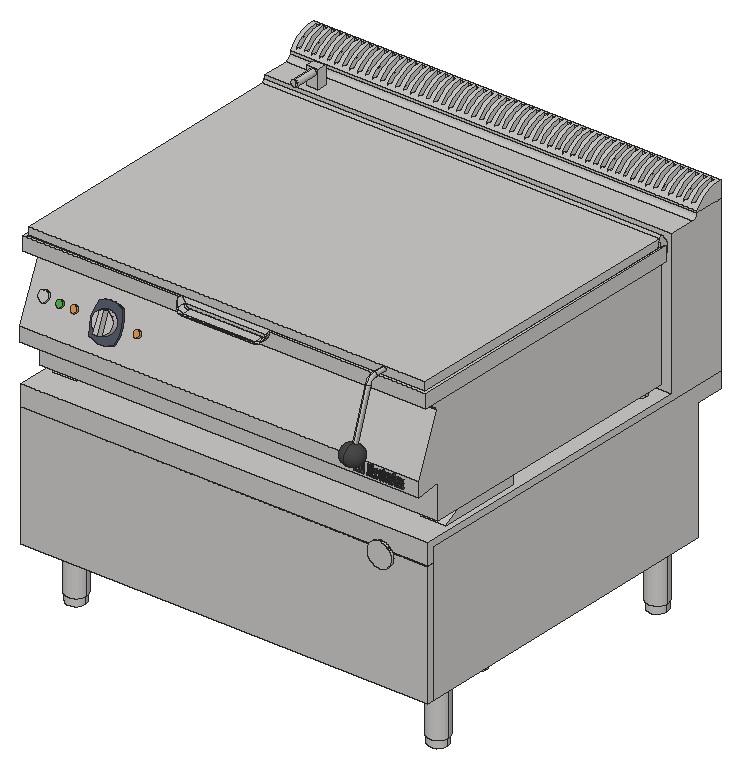
Revit family "QF_ELECTROLUXPROFESSIONAL_391595_E9PPCTBAMGD", category Attrezzature speciali, Revit 2018 (continued)
Lines and regions (mm)
  symbolic lines
    curve 200: line (645.597, -6.761, 0) -> (645.597, -63.911, 0)
    curve 201: line (664.29, -63.911, 0) -> (673.585, -63.911, 0)
    curve 202: line (673.585, -63.911, 0) -> (673.585, -6.761, 0)
    curve 203: line (673.585, -6.761, 0) -> (664.29, -6.761, 0)
    curve 204: line (664.29, -6.761, 0) -> (664.29, -63.911, 0)
    curve 205: line (682.982, -63.911, 0) -> (692.278, -63.911, 0)
    curve 206: line (692.278, -63.911, 0) -> (692.278, -6.761, 0)
    curve 207: line (692.278, -6.761, 0) -> (682.982, -6.761, 0)
    curve 208: line (682.982, -6.761, 0) -> (682.982, -63.911, 0)
    curve 209: line (701.675, -63.911, 0) -> (710.971, -63.911, 0)
    curve 210: line (710.971, -63.911, 0) -> (710.971, -6.761, 0)
    curve 211: line (710.971, -6.761, 0) -> (701.675, -6.761, 0)
    curve 212: line (701.675, -6.761, 0) -> (701.675, -63.911, 0)
    curve 213: line (720.367, -63.911, 0) -> (729.663, -63.911, 0)
    curve 214: line (729.663, -63.911, 0) -> (729.663, -6.761, 0)
    curve 215: line (729.663, -6.761, 0) -> (720.367, -6.761, 0)
    curve 216: line (720.367, -6.761, 0) -> (720.367, -63.911, 0)
    curve 217: line (739.06, -63.911, 0) -> (748.356, -63.911, 0)
    curve 218: line (748.356, -63.911, 0) -> (748.356, -6.761, 0)
    curve 219: line (748.356, -6.761, 0) -> (739.06, -6.761, 0)
    curve 220: line (739.06, -6.761, 0) -> (739.06, -63.911, 0)
    curve 221: line (757.753, -63.911, 0) -> (767.048, -63.911, 0)
    curve 222: line (767.048, -63.911, 0) -> (767.048, -6.761, 0)
    curve 223: line (767.048, -6.761, 0) -> (757.753, -6.761, 0)
    curve 224: line (757.753, -6.761, 0) -> (757.753, -63.911, 0)
    curve 225: line (775.037, -63.911, 0) -> (784.333, -63.911, 0)
    curve 226: line (784.333, -63.911, 0) -> (784.333, -6.761, 0)
    curve 227: line (784.333, -6.761, 0) -> (775.037, -6.761, 0)
    curve 228: line (775.037, -6.761, 0) -> (775.037, -63.911, 0)
    curve 229: line (793.73, -63.911, 0) -> (803.026, -63.911, 0)
    curve 230: line (803.026, -63.911, 0) -> (803.026, -6.761, 0)
    curve 231: line (803.026, -6.761, 0) -> (793.73, -6.761, 0)
    curve 232: line (793.73, -6.761, 0) -> (793.73, -63.911, 0)
    curve 233: line (812.423, -63.911, 0) -> (821.718, -63.911, 0)
    curve 234: line (821.718, -63.911, 0) -> (821.718, -6.761, 0)
    curve 235: line (821.718, -6.761, 0) -> (812.423, -6.761, 0)
    curve 236: line (812.423, -6.761, 0) -> (812.423, -63.911, 0)
    curve 237: line (831.115, -63.911, 0) -> (840.411, -63.911, 0)
    curve 238: line (840.411, -63.911, 0) -> (840.411, -6.761, 0)
    curve 239: line (840.411, -6.761, 0) -> (831.115, -6.761, 0)
    curve 240: line (831.115, -6.761, 0) -> (831.115, -63.911, 0)
    curve 241: line (849.808, -63.911, 0) -> (859.103, -63.911, 0)
    curve 242: line (859.103, -63.911, 0) -> (859.103, -6.761, 0)
    curve 243: line (859.103, -6.761, 0) -> (849.808, -6.761, 0)
    curve 244: line (849.808, -6.761, 0) -> (849.808, -63.911, 0)
    curve 245: line (868.5, -63.911, 0) -> (877.796, -63.911, 0)
    curve 246: line (877.796, -63.911, 0) -> (877.796, -6.761, 0)
    curve 247: line (877.796, -6.761, 0) -> (868.5, -6.761, 0)
    curve 248: line (868.5, -6.761, 0) -> (868.5, -63.911, 0)
    curve 249: line (887.193, -63.911, 0) -> (896.489, -63.911, 0)
    curve 250: line (896.489, -63.911, 0) -> (896.489, -6.761, 0)
    curve 251: line (896.489, -6.761, 0) -> (887.193, -6.761, 0)
    curve 252: line (887.193, -6.761, 0) -> (887.193, -63.911, 0)
    curve 253: line (905.886, -63.911, 0) -> (915.181, -63.911, 0)
    curve 254: line (915.181, -63.911, 0) -> (915.181, -6.761, 0)
    curve 255: line (915.181, -6.761, 0) -> (905.886, -6.761, 0)
    curve 256: line (905.886, -6.761, 0) -> (905.886, -63.911, 0)
    curve 257: line (924.578, -63.911, 0) -> (933.874, -63.911, 0)
    curve 258: line (933.874, -63.911, 0) -> (933.874, -6.761, 0)
    curve 259: line (933.874, -6.761, 0) -> (924.578, -6.761, 0)
    curve 260: line (924.578, -6.761, 0) -> (924.578, -63.911, 0)
    curve 261: line (943.271, -63.911, 0) -> (952.567, -63.911, 0)
    curve 262: line (952.567, -63.911, 0) -> (952.567, -6.761, 0)
    curve 263: line (952.567, -6.761, 0) -> (943.271, -6.761, 0)
    curve 264: line (943.271, -6.761, 0) -> (943.271, -63.911, 0)
    curve 265: line (961.963, -63.911, 0) -> (971.259, -63.911, 0)
    curve 266: line (971.259, -63.911, 0) -> (971.259, -6.761, 0)
    curve 267: line (971.259, -6.761, 0) -> (961.963, -6.761, 0)
    curve 268: line (961.963, -6.761, 0) -> (961.963, -63.911, 0)
    curve 269: line (980.656, -63.911, 0) -> (989.952, -63.911, 0)
    curve 270: line (989.952, -63.911, 0) -> (989.952, -6.761, 0)
    curve 271: line (989.952, -6.761, 0) -> (980.656, -6.761, 0)
    curve 272: line (980.656, -6.761, 0) -> (980.656, -63.911, 0)
  symbolic lines, style "QF_Clearances", visible <- "Show Clearance", detail levels coarse
    curve 17: line (-50, 50, 150) -> (-50, -918.182, 150)
    curve 18: line (1050, 50, 150) -> (1050, -915, 150)
    curve 19: line (1050, 50, 150) -> (-50, 50, 150)
Dimensions and locks
  equal spacing: plane 3 "LEFT", plane 7 "Center Y", plane 4 "RIGHT"
  plane 3 "LEFT" to plane 4 "RIGHT" = 1000 mm
  equal spacing: plane 5 "FRONT", plane 8 "Center X", plane 1 "BACK"
  plane 5 "FRONT" to plane 1 "BACK" = 915 mm  (x2)
  plane 20 to level = 850 mm
  plane 9 "Base" to level = 149 mm
  plane 11 to level = 1653 mm
  plane 11 to plane 2 = 1653 mm
  plane 9 "Base" to plane 2 = 149 mm
  plane 13 to plane 12 = 674 mm
  plane 6 "TOP" to plane 2 = 908 mm
  plane 4 "RIGHT" to plane 16 to plane 14 to plane 3 "LEFT" = 55 mm, 890 mm, 55 mm
  plane 1 "BACK" to plane 17 = 1014 mm
  Extrusion 12 to plane 1 "BACK" = 69 mm
  Extrusion 6 to plane 9 "Base" = 701 mm
  plane 2 to Extrusion 12 = 448 mm
  Extrusion 3 to plane 13 = 100.182 mm
  plane 12 to Extrusion 12 = 56 mm
  plane 4 "RIGHT" to plane 19 = 14 mm
  plane 20 to plane 9 "Base" to level = 701 mm, 149 mm
  plane 1 "BACK" to Extrusion 12 = 69 mm
  Extrusion 12 to plane 12 = 56 mm
  plane 12 to plane 13 = 674 mm
  plane 13 to Extrusion 3 = 100.182 mm
  Extrusion 12 to level = 448 mm
  plane 6 "TOP" to level = 908 mm
  plane 21 "Connection" to level = 182 mm
  plane 1 "BACK" to plane 22 = 706 mm
  plane 3 "LEFT" to Extrusion 17 sketch curve = 105 mm
  Extrusion 18 sketch curve to plane 1 "BACK" = 698 mm
  plane 3 "LEFT" to Extrusion 18 sketch curve = 195 mm
  Extrusion 18 to plane 1 "BACK" = 698 mm
  plane 3 "LEFT" to Extrusion 19 sketch curve = 265 mm
  plane 3 "LEFT" to plane 24 = 105 mm
  plane 3 "LEFT" to plane 25 = 195 mm
  plane 3 "LEFT" to plane 23 = 265 mm
  Extrusion 3 to Extrusion 15 = 181 mm
  Extrusion 15 to Extrusion 3 = 181 mm
  aligned and locked: level to plane 2
  aligned and locked: Extrusion 12 to plane 3 "LEFT"
Automatic sketch dimensions
  Revolve 1 sketch curve to plane 9 "Base" = 0 mm  (x2)
  Revolve 1 sketch curve to level = 0 mm
  Revolve 1 sketch curve to plane 14 = 0 mm  (x2)
  Revolve 1 sketch curve to Revolve 1 sketch curve = 22.9 mm
  Revolve 1 sketch curve to Revolve 1 sketch curve = 2.5 mm
  level to Revolve 1 sketch curve = 19.05 mm
  Revolve 1 sketch curve to plane 21 "Connection" = 13 mm
  Revolve 2 sketch curve to plane 9 "Base" = 0 mm  (x2)
  Revolve 2 sketch curve to level = 0 mm
  Revolve 2 sketch curve to plane 14 = 0 mm  (x2)
  Revolve 2 sketch curve to Revolve 2 sketch curve = 22.9 mm
  Revolve 2 sketch curve to Revolve 2 sketch curve = 2.5 mm
  level to Revolve 2 sketch curve = 19.05 mm
  Revolve 2 sketch curve to plane 21 "Connection" = 13 mm
  Extrusion 7 sketch curve to plane 10 = 0 mm
  Extrusion 7 sketch curve to plane 13 = 25.484 mm
  plane 13 to Extrusion 7 sketch curve = 28.261 mm
  plane 22 to Extrusion 7 sketch curve = 87.5 mm
  plane 10 to Extrusion 7 sketch curve = 26.213 mm
  Extrusion 8 sketch curve to plane 16 = 8.429 mm
  Extrusion 8 sketch curve to plane 14 = 8.429 mm
  Extrusion 8 sketch curve to plane 12 = 64.686 mm  (x2)
  Extrusion 9 sketch curve to plane 6 "TOP" = 10 mm
  Extrusion 9 sketch curve to plane 12 = 7.127 mm
  plane 12 to Extrusion 9 sketch curve = 16.931 mm
  plane 20 to Extrusion 9 sketch curve = 3.88 mm
  Revolve 10 sketch curve to plane 6 "TOP" = 19.903 mm
  Revolve 10 sketch curve to plane 12 = 63.311 mm
  Revolve 10 sketch curve to plane 12 = 7.127 mm
  Revolve 10 sketch curve to Revolve 10 sketch curve = 0 mm  (x2)
  plane 12 to Revolve 10 sketch curve = 1.394 mm
  Revolve 10 sketch curve to plane 6 "TOP" = 11.778 mm
  Revolve 13 sketch curve to plane 9 "Base" = 0 mm  (x2)
  Revolve 13 sketch curve to level = 0 mm
  plane 16 to Revolve 13 sketch curve = 0 mm  (x2)
  Revolve 13 sketch curve to plane 19 = 18.1 mm
  Revolve 13 sketch curve to Revolve 13 sketch curve = 2.5 mm
  Revolve 13 sketch curve to plane 21 "Connection" = 13 mm
  level to Revolve 13 sketch curve = 19.05 mm
  Revolve 14 sketch curve to plane 9 "Base" = 0 mm  (x2)
  Revolve 14 sketch curve to level = 0 mm
  plane 16 to Revolve 14 sketch curve = 0 mm  (x2)
  Revolve 14 sketch curve to plane 19 = 18.1 mm
  Revolve 14 sketch curve to Revolve 14 sketch curve = 2.5 mm
  Revolve 14 sketch curve to plane 21 "Connection" = 13 mm
  level to Revolve 14 sketch curve = 19.05 mm
  Extrusion 20 sketch curve to plane 24 = 17.623 mm
  plane 24 to Extrusion 21 sketch curve = 17.681 mm
  Extrusion 22 sketch curve to plane 25 = 7.917 mm
  Extrusion 23 sketch curve to Extrusion 23 sketch curve = 24.732 mm
  Extrusion 23 sketch curve to Extrusion 23 sketch curve = 0 mm
  Extrusion 24 sketch curve to plane 14 = 7.427 mm
  Extrusion 25 sketch curve to plane 23 = 12.623 mm
  plane 10 to Extrusion 28 sketch curve = 0 mm
  Extrusion 28 sketch curve to plane 13 = 25.484 mm
  plane 13 to Extrusion 28 sketch curve = 28.261 mm
  plane 22 to Extrusion 28 sketch curve = 87.5 mm
  plane 10 to Extrusion 28 sketch curve = 26.213 mm
  plane 17 to Revolve 30 sketch curve = 18.604 mm
  Revolve 30 sketch curve to Revolve 30 sketch curve = 0 mm  (x4)
  plane 17 to Revolve 30 sketch curve = 22.834 mm
  Revolve 30 sketch curve to Revolve 30 sketch curve = 3.746 mm
  Revolve 30 sketch curve to Revolve 30 sketch curve = 7.415 mm
  plane 10 to Revolve 30 sketch curve = 172.444 mm
  Revolve 30 sketch curve to Revolve 30 sketch curve = 22.45 mm
  Extrusion 31 sketch curve to plane 11 = 87.075 mm
  plane 8 "Center X" to Extrusion 31 sketch curve = 110.667 mm
  Extrusion 31 sketch curve to Extrusion 31 sketch curve = 694.86 mm
  Extrusion 31 sketch curve to Extrusion 31 sketch curve = 15.993 mm
  Extrusion 31 sketch curve to Extrusion 31 sketch curve = 5.354 mm
  Extrusion 31 sketch curve to Extrusion 31 sketch curve = 3.503 mm
  Extrusion 31 sketch curve to Extrusion 31 sketch curve = 12.189 mm
  Extrusion 31 sketch curve to Extrusion 31 sketch curve = 3.348 mm
  Extrusion 31 sketch curve to Extrusion 31 sketch curve = 18.4 mm  (x2)
  Extrusion 31 sketch curve to Extrusion 31 sketch curve = 2.697 mm
  Extrusion 31 sketch curve to Extrusion 31 sketch curve = 14.057 mm
  Extrusion 31 sketch curve to Extrusion 31 sketch curve = 4.418 mm
  Extrusion 31 sketch curve to Extrusion 31 sketch curve = 11 mm
  Extrusion 31 sketch curve to Extrusion 31 sketch curve = 6.539 mm
  Sweep 32 sketch curve to plane 8 "Center X" = 20.462 mm
  Sweep 32 sketch curve to plane 11 = 28.458 mm
  Sweep 32 sketch curve to Sweep 32 sketch curve = 41.037 mm
  Sweep 32 sketch curve to Sweep 32 sketch curve = 18.794 mm
  Sweep 32 sketch curve to Sweep 32 sketch curve = 28.354 mm
  Sweep 32 sketch curve to Sweep 32 sketch curve = 105.908 mm
  Sweep 32 sketch curve to Sweep 32 sketch curve = 6.84 mm
  Sweep 32 sketch curve to profile plane = 0 mm
  profile plane to Sweep 32 sketch curve = 676.16 mm
  Revolve 33 sketch curve to plane 11 = 23.591 mm
  Revolve 33 sketch curve to plane 8 "Center X" = 65.198 mm
  Revolve 33 sketch curve to Revolve 33 sketch curve = 0 mm  (x4)
  Revolve 33 sketch curve to Revolve 33 sketch curve = 4.229 mm
  Revolve 33 sketch curve to Revolve 33 sketch curve = 3.746 mm
  Revolve 33 sketch curve to Revolve 33 sketch curve = 7.415 mm
  Revolve 33 sketch curve to Revolve 33 sketch curve = 22.45 mm
  plane 25 to Extrusion 34 sketch curve = 22.344 mm
  plane 23 to Extrusion 34 sketch curve = 31.059 mm
  Extrusion 34 sketch curve to Extrusion 34 sketch curve = 0 mm
  Extrusion 34 sketch curve to plane 25 = 8.324 mm
  Extrusion 34 sketch curve to Extrusion 34 sketch curve = 12.3 mm  (x2)
  plane 23 to Extrusion 34 sketch curve = 7.4 mm
  Extrusion 34 sketch curve to Extrusion 34 sketch curve = 34.925 mm  (x2)
  Extrusion 34 sketch curve to Extrusion 34 sketch curve = 50.015 mm
  plane 25 to Extrusion 34 sketch curve = 20.225 mm
  Extrusion 36 sketch curve to Extrusion 36 sketch curve = 7.323 mm
  Extrusion 36 sketch curve to Extrusion 36 sketch curve = 14.203 mm
  Extrusion 36 sketch curve to Extrusion 36 sketch curve = 14.214 mm
  Extrusion 36 sketch curve to plane 20 = 19.693 mm
  Extrusion 36 sketch curve to plane 20 = 19.699 mm
  Extrusion 36 sketch curve to Extrusion 36 sketch curve = 4.465 mm
  Extrusion 36 sketch curve to Extrusion 36 sketch curve = 4.485 mm
  Extrusion 36 sketch curve to Extrusion 36 sketch curve = 12.672 mm
  Extrusion 36 sketch curve to Extrusion 36 sketch curve = 21.263 mm
  plane 7 "Center Y" to Extrusion 36 sketch curve = 110.002 mm
  Extrusion 36 sketch curve to plane 7 "Center Y" = 88.472 mm
  Extrusion 36 sketch curve to Extrusion 36 sketch curve = 7.316 mm
  Extrusion 26 sketch curve to Extrusion 26 sketch curve = 0 mm  (x4)
  Extrusion 26 sketch curve to plane 20 = 26.099 mm
  Extrusion 26 sketch curve to plane 7 "Center Y" = 110.002 mm
  Extrusion 26 sketch curve to Extrusion 26 sketch curve = 4.545 mm
  Extrusion 26 sketch curve to plane 20 = 32.371 mm
  Extrusion 26 sketch curve to Extrusion 26 sketch curve = 2.771 mm  (x2)
  Extrusion 26 sketch curve to Extrusion 26 sketch curve = 14.214 mm
  plane 7 "Center Y" to Extrusion 26 sketch curve = 88.476 mm
  Extrusion 26 sketch curve to Extrusion 26 sketch curve = 14.203 mm
  Extrusion 26 sketch curve to plane 20 = 33.978 mm
  Extrusion 26 sketch curve to Extrusion 26 sketch curve = 4.548 mm
  Extrusion 26 sketch curve to Extrusion 26 sketch curve = 8.206 mm
  Extrusion 26 sketch curve to Extrusion 26 sketch curve = 7.878 mm
  Extrusion 26 sketch curve to Extrusion 26 sketch curve = 6.4 mm  (x2)
  Extrusion 26 sketch curve to Extrusion 26 sketch curve = 3.2 mm
  Extrusion 35 sketch curve to Extrusion 35 sketch curve = 0 mm  (x28)
  plane 16 to Extrusion 35 sketch curve = 36.031 mm
  plane 10 to Extrusion 35 sketch curve = 104.853 mm
  Extrusion 35 sketch curve to Extrusion 35 sketch curve = 3.509 mm  (x2)
  Extrusion 35 sketch curve to plane 16 = 4.633 mm
  Extrusion 35 sketch curve to Extrusion 35 sketch curve = 2.459 mm  (x3)
  plane 16 to Extrusion 35 sketch curve = 0.399 mm
  plane 16 to Extrusion 35 sketch curve = 3.14 mm
  plane 16 to Extrusion 35 sketch curve = 9.143 mm
  Extrusion 35 sketch curve to Extrusion 35 sketch curve = 5.968 mm
  Extrusion 35 sketch curve to Extrusion 35 sketch curve = 0.918 mm  (x4)
  Extrusion 35 sketch curve to Extrusion 35 sketch curve = 0.949 mm  (x2)
  Extrusion 35 sketch curve to Extrusion 35 sketch curve = 1.035 mm
  Extrusion 35 sketch curve to Extrusion 35 sketch curve = 1.047 mm
  Extrusion 35 sketch curve to Extrusion 35 sketch curve = 3.513 mm  (x2)
  plane 16 to Extrusion 35 sketch curve = 41.887 mm
  Extrusion 35 sketch curve to Extrusion 35 sketch curve = 0.045 mm  (x2)
  plane 16 to Extrusion 35 sketch curve = 34.554 mm
  Extrusion 35 sketch curve to Extrusion 35 sketch curve = 0.277 mm
  Extrusion 35 sketch curve to Extrusion 35 sketch curve = 0.3 mm  (x2)
  Extrusion 35 sketch curve to Extrusion 35 sketch curve = 0.004 mm  (x3)
  Extrusion 35 sketch curve to Extrusion 35 sketch curve = 0.636 mm
  Extrusion 35 sketch curve to Extrusion 35 sketch curve = 0.02 mm  (x3)
  plane 16 to Extrusion 35 sketch curve = 41.125 mm
  Extrusion 35 sketch curve to Extrusion 35 sketch curve = 0.479 mm  (x2)
  plane 16 to Extrusion 35 sketch curve = 33.791 mm
  Extrusion 35 sketch curve to Extrusion 35 sketch curve = 1.645 mm
  Extrusion 35 sketch curve to Extrusion 35 sketch curve = 1.672 mm
  plane 16 to Extrusion 35 sketch curve = 9.181 mm
  Extrusion 35 sketch curve to Extrusion 35 sketch curve = 1.71 mm
  Extrusion 35 sketch curve to Extrusion 35 sketch curve = 0.447 mm  (x2)
  Extrusion 35 sketch curve to Extrusion 35 sketch curve = 0.343 mm
  Extrusion 35 sketch curve to Extrusion 35 sketch curve = 0.246 mm
  Extrusion 35 sketch curve to Extrusion 35 sketch curve = 0.124 mm  (x2)
  Extrusion 35 sketch curve to Extrusion 35 sketch curve = 1.995 mm
  plane 16 to Extrusion 35 sketch curve = 1.32 mm
  Extrusion 35 sketch curve to Extrusion 35 sketch curve = 0.996 mm  (x2)
  Extrusion 35 sketch curve to Extrusion 35 sketch curve = 0.509 mm
  Extrusion 35 sketch curve to Extrusion 35 sketch curve = 2.427 mm  (x2)
  Extrusion 35 sketch curve to Extrusion 35 sketch curve = 0.616 mm  (x2)
  Extrusion 35 sketch curve to Extrusion 35 sketch curve = 0.017 mm  (x2)
  Extrusion 35 sketch curve to Extrusion 35 sketch curve = 0.926 mm
  Extrusion 35 sketch curve to Extrusion 35 sketch curve = 0.911 mm
  Extrusion 35 sketch curve to Extrusion 35 sketch curve = 1.839 mm
  Extrusion 35 sketch curve to Extrusion 35 sketch curve = 0.306 mm  (x2)
  Extrusion 35 sketch curve to Extrusion 35 sketch curve = 0.917 mm  (x3)
  Extrusion 35 sketch curve to Extrusion 35 sketch curve = 0.159 mm  (x2)
  plane 16 to Extrusion 35 sketch curve = 1.769 mm
  Extrusion 35 sketch curve to Extrusion 35 sketch curve = 1.342 mm
  Extrusion 35 sketch curve to Extrusion 35 sketch curve = 0.187 mm  (x2)
  Extrusion 35 sketch curve to Extrusion 35 sketch curve = 0.679 mm  (x2)
  Extrusion 35 sketch curve to Extrusion 35 sketch curve = 0.67 mm
  Extrusion 35 sketch curve to Extrusion 35 sketch curve = 0.002 mm
  Extrusion 35 sketch curve to Extrusion 35 sketch curve = 0.007 mm  (x3)
  Extrusion 35 sketch curve to Extrusion 35 sketch curve = 0.383 mm  (x4)
  plane 16 to Extrusion 35 sketch curve = 31.86 mm
  plane 16 to Extrusion 35 sketch curve = 39.193 mm
  Extrusion 35 sketch curve to Extrusion 35 sketch curve = 0.075 mm  (x2)
  Extrusion 35 sketch curve to Extrusion 35 sketch curve = 0.677 mm  (x2)
  Extrusion 35 sketch curve to Extrusion 35 sketch curve = 0.957 mm
  Extrusion 35 sketch curve to Extrusion 35 sketch curve = 1.024 mm
  Extrusion 35 sketch curve to Extrusion 35 sketch curve = 0.328 mm  (x2)
  plane 16 to Extrusion 35 sketch curve = 31.143 mm
  Extrusion 35 sketch curve to Extrusion 35 sketch curve = 0.492 mm  (x2)
  plane 16 to Extrusion 35 sketch curve = 38.476 mm
  plane 16 to Extrusion 35 sketch curve = 1.799 mm
  Extrusion 35 sketch curve to Extrusion 35 sketch curve = 1.815 mm
  Extrusion 35 sketch curve to Extrusion 35 sketch curve = 3.936 mm
  plane 16 to Extrusion 35 sketch curve = 11.401 mm
  Extrusion 35 sketch curve to Extrusion 35 sketch curve = 1.802 mm
  Extrusion 35 sketch curve to Extrusion 35 sketch curve = 0.781 mm
  plane 16 to Extrusion 35 sketch curve = 23.717 mm  (x4)
  Extrusion 35 sketch curve to Extrusion 35 sketch curve = 4.769 mm
  plane 16 to Extrusion 35 sketch curve = 48.012 mm  (x4)
  Extrusion 35 sketch curve to Extrusion 35 sketch curve = 4.78 mm
  plane 16 to Extrusion 35 sketch curve = 7.789 mm
  Extrusion 35 sketch curve to Extrusion 35 sketch curve = 4.809 mm
  plane 16 to Extrusion 35 sketch curve = 59.783 mm
  Extrusion 35 sketch curve to Extrusion 35 sketch curve = 4.821 mm
  plane 16 to Extrusion 35 sketch curve = 37.77 mm
  Extrusion 35 sketch curve to Extrusion 35 sketch curve = 5.852 mm
  Extrusion 35 sketch curve to plane 16 = 5.755 mm
  Extrusion 35 sketch curve to Extrusion 35 sketch curve = 5.071 mm  (x3)
  Extrusion 35 sketch curve to plane 16 = 0.598 mm
  Extrusion 35 sketch curve to Extrusion 35 sketch curve = 0.003 mm  (x2)
  plane 16 to Extrusion 35 sketch curve = 38.791 mm
  Extrusion 35 sketch curve to Extrusion 35 sketch curve = 0.046 mm
  Extrusion 35 sketch curve to Extrusion 35 sketch curve = 0.068 mm
  Extrusion 35 sketch curve to Extrusion 35 sketch curve = 10.348 mm
  plane 16 to Extrusion 35 sketch curve = 43.925 mm  (x2)
  Extrusion 35 sketch curve to Extrusion 35 sketch curve = 1.761 mm
  plane 16 to Extrusion 35 sketch curve = 55.493 mm
  Extrusion 35 sketch curve to Extrusion 35 sketch curve = 1.821 mm
  plane 16 to Extrusion 35 sketch curve = 59.702 mm
  Extrusion 35 sketch curve to Extrusion 35 sketch curve = 2.064 mm  (x2)
  Extrusion 35 sketch curve to Extrusion 35 sketch curve = 2.196 mm  (x3)
  Extrusion 35 sketch curve to Extrusion 35 sketch curve = 2.206 mm  (x2)
  plane 16 to Extrusion 35 sketch curve = 7.77 mm
  Extrusion 35 sketch curve to Extrusion 35 sketch curve = 2.216 mm
  Extrusion 35 sketch curve to Extrusion 35 sketch curve = 0.588 mm
  Extrusion 35 sketch curve to Extrusion 35 sketch curve = 0.037 mm
  Extrusion 35 sketch curve to Extrusion 35 sketch curve = 0.109 mm
  plane 16 to Extrusion 35 sketch curve = 37.761 mm
  Extrusion 35 sketch curve to Extrusion 35 sketch curve = 2.272 mm  (x2)
  plane 16 to Extrusion 35 sketch curve = 0.253 mm
  Extrusion 35 sketch curve to Extrusion 35 sketch curve = 2.435 mm
  Extrusion 35 sketch curve to Extrusion 35 sketch curve = 1.25 mm
  plane 16 to Extrusion 35 sketch curve = 56.95 mm
  Extrusion 35 sketch curve to Extrusion 35 sketch curve = 1.417 mm
  plane 16 to Extrusion 35 sketch curve = 45.422 mm  (x2)
  Extrusion 35 sketch curve to Extrusion 35 sketch curve = 1.558 mm  (x2)
  Extrusion 35 sketch curve to plane 16 = 6.031 mm
  Extrusion 35 sketch curve to Extrusion 35 sketch curve = 3.247 mm
  Extrusion 35 sketch curve to plane 16 = 3.176 mm  (x2)
  Extrusion 35 sketch curve to Extrusion 35 sketch curve = 0.339 mm
  Extrusion 35 sketch curve to Extrusion 35 sketch curve = 4.029 mm
  plane 16 to Extrusion 35 sketch curve = 3.116 mm
  Extrusion 35 sketch curve to Extrusion 35 sketch curve = 1.655 mm
  plane 16 to Extrusion 35 sketch curve = 9.985 mm
  Extrusion 35 sketch curve to Extrusion 35 sketch curve = 0.201 mm
  plane 16 to Extrusion 35 sketch curve = 42.42 mm
  Extrusion 35 sketch curve to Extrusion 35 sketch curve = 2.769 mm
  Extrusion 35 sketch curve to Extrusion 35 sketch curve = 0.162 mm
  Extrusion 35 sketch curve to Extrusion 35 sketch curve = 0.137 mm
  Extrusion 35 sketch curve to Extrusion 35 sketch curve = 2.101 mm
  Extrusion 35 sketch curve to Extrusion 35 sketch curve = 0.103 mm  (x2)
  Extrusion 35 sketch curve to Extrusion 35 sketch curve = 2.671 mm
  plane 16 to Extrusion 35 sketch curve = 65.227 mm
  Extrusion 35 sketch curve to Extrusion 35 sketch curve = 0.566 mm
  plane 16 to Extrusion 35 sketch curve = 29.258 mm
  Extrusion 35 sketch curve to Extrusion 35 sketch curve = 3.183 mm  (x2)
  plane 16 to Extrusion 35 sketch curve = 18.177 mm
  Extrusion 35 sketch curve to Extrusion 35 sketch curve = 5.077 mm
  plane 16 to Extrusion 35 sketch curve = 26.859 mm
  plane 16 to Extrusion 35 sketch curve = 20.575 mm
  plane 16 to Extrusion 35 sketch curve = 53.557 mm
  Extrusion 35 sketch curve to Extrusion 35 sketch curve = 0.627 mm
  plane 16 to Extrusion 35 sketch curve = 51.149 mm
  plane 16 to Extrusion 35 sketch curve = 33.375 mm  (x2)
  Extrusion 35 sketch curve to Extrusion 35 sketch curve = 0.262 mm
  Extrusion 35 sketch curve to plane 16 = 1.847 mm
  Extrusion 35 sketch curve to Extrusion 35 sketch curve = 1.773 mm
  Extrusion 35 sketch curve to plane 16 = 4.507 mm
  Extrusion 35 sketch curve to Extrusion 35 sketch curve = 1.793 mm
  Extrusion 35 sketch curve to Extrusion 35 sketch curve = 1.788 mm
  plane 16 to Extrusion 35 sketch curve = 57.274 mm
  Extrusion 35 sketch curve to Extrusion 35 sketch curve = 1.7 mm
  Extrusion 35 sketch curve to Extrusion 35 sketch curve = 1.733 mm
  Extrusion 35 sketch curve to Extrusion 35 sketch curve = 4.169 mm
  Extrusion 35 sketch curve to Extrusion 35 sketch curve = 1.242 mm
  Extrusion 35 sketch curve to Extrusion 35 sketch curve = 2.572 mm  (x2)
  Extrusion 35 sketch curve to plane 16 = 6.394 mm
  Extrusion 35 sketch curve to Extrusion 35 sketch curve = 2.881 mm
  Extrusion 35 sketch curve to Extrusion 35 sketch curve = 3.582 mm
  plane 16 to Extrusion 35 sketch curve = 30.635 mm
  Extrusion 35 sketch curve to Extrusion 35 sketch curve = 0.101 mm
  plane 16 to Extrusion 35 sketch curve = 0.157 mm
  Extrusion 35 sketch curve to Extrusion 35 sketch curve = 2.74 mm
  Extrusion 35 sketch curve to Extrusion 35 sketch curve = 1.113 mm
  plane 16 to Extrusion 35 sketch curve = 59.844 mm  (x2)
  Extrusion 35 sketch curve to Extrusion 35 sketch curve = 2.226 mm
  Extrusion 35 sketch curve to Extrusion 35 sketch curve = 2.28 mm
  Extrusion 35 sketch curve to Extrusion 35 sketch curve = 0.585 mm
  plane 16 to Extrusion 35 sketch curve = 1.659 mm
  Extrusion 35 sketch curve to Extrusion 35 sketch curve = 2.054 mm
  Extrusion 35 sketch curve to plane 16 = 8.011 mm
  Extrusion 35 sketch curve to Extrusion 35 sketch curve = 2.203 mm
  Extrusion 35 sketch curve to Extrusion 35 sketch curve = 1.51 mm
  Extrusion 35 sketch curve to Extrusion 35 sketch curve = 5.923 mm
  plane 16 to Extrusion 35 sketch curve = 29.628 mm
  Extrusion 35 sketch curve to Extrusion 35 sketch curve = 2.337 mm
  Extrusion 35 sketch curve to Extrusion 35 sketch curve = 1.561 mm
  Extrusion 35 sketch curve to Extrusion 35 sketch curve = 3.319 mm
  Extrusion 35 sketch curve to Extrusion 35 sketch curve = 0.191 mm
  Extrusion 35 sketch curve to Extrusion 35 sketch curve = 2.274 mm
  Extrusion 35 sketch curve to Extrusion 35 sketch curve = 3.888 mm  (x2)
  Extrusion 35 sketch curve to Extrusion 35 sketch curve = 0.986 mm
  Extrusion 35 sketch curve to Extrusion 35 sketch curve = 2.599 mm
  Extrusion 35 sketch curve to Extrusion 35 sketch curve = 2.865 mm
  Extrusion 35 sketch curve to Extrusion 35 sketch curve = 0.998 mm  (x6)
  Extrusion 35 sketch curve to Extrusion 35 sketch curve = 1.022 mm
  Extrusion 35 sketch curve to plane 16 = 0.96 mm
  Extrusion 35 sketch curve to plane 16 = 0.674 mm
  plane 16 to Extrusion 35 sketch curve = 0.872 mm
  plane 16 to Extrusion 35 sketch curve = 2.001 mm
  Extrusion 35 sketch curve to Extrusion 35 sketch curve = 0.9 mm
  Extrusion 35 sketch curve to Extrusion 35 sketch curve = 0.448 mm
  Extrusion 35 sketch curve to Extrusion 35 sketch curve = 1.072 mm
  Extrusion 35 sketch curve to Extrusion 35 sketch curve = 2.437 mm
  Extrusion 35 sketch curve to Extrusion 35 sketch curve = 1.008 mm
  Extrusion 35 sketch curve to Extrusion 35 sketch curve = 2.221 mm
  Extrusion 35 sketch curve to Extrusion 35 sketch curve = 0.971 mm
  Extrusion 35 sketch curve to Extrusion 35 sketch curve = 2.438 mm
  Extrusion 35 sketch curve to Extrusion 35 sketch curve = 1.849 mm
  Extrusion 35 sketch curve to Extrusion 35 sketch curve = 2.419 mm
  Extrusion 35 sketch curve to Extrusion 35 sketch curve = 6.696 mm  (x2)
  Extrusion 35 sketch curve to Extrusion 35 sketch curve = 5.345 mm
  Extrusion 35 sketch curve to Extrusion 35 sketch curve = 0.421 mm  (x2)
  Extrusion 35 sketch curve to Extrusion 35 sketch curve = 0.078 mm  (x2)
  Extrusion 35 sketch curve to Extrusion 35 sketch curve = 0.133 mm  (x2)
  Extrusion 35 sketch curve to Extrusion 35 sketch curve = 0.006 mm  (x2)
  Extrusion 35 sketch curve to Extrusion 35 sketch curve = 0.23 mm  (x2)
  Extrusion 35 sketch curve to Extrusion 35 sketch curve = 0.065 mm  (x2)
  Extrusion 35 sketch curve to Extrusion 35 sketch curve = 0.279 mm  (x2)
  Extrusion 35 sketch curve to Extrusion 35 sketch curve = 0.251 mm  (x2)
  Extrusion 35 sketch curve to Extrusion 35 sketch curve = 0.134 mm  (x2)
  Extrusion 35 sketch curve to Extrusion 35 sketch curve = 0.009 mm  (x2)
  Extrusion 35 sketch curve to Extrusion 35 sketch curve = 0.164 mm  (x2)
  Extrusion 35 sketch curve to Extrusion 35 sketch curve = 0.077 mm  (x2)
  Extrusion 35 sketch curve to Extrusion 35 sketch curve = 0.866 mm  (x2)
  Extrusion 35 sketch curve to Extrusion 35 sketch curve = 2.398 mm
  Extrusion 35 sketch curve to Extrusion 35 sketch curve = 2.034 mm
  Extrusion 35 sketch curve to Extrusion 35 sketch curve = 2.418 mm
  Extrusion 35 sketch curve to Extrusion 35 sketch curve = 1.355 mm
  Extrusion 35 sketch curve to Extrusion 35 sketch curve = 3.835 mm
  Extrusion 35 sketch curve to Extrusion 35 sketch curve = 0.047 mm  (x2)
  Extrusion 35 sketch curve to Extrusion 35 sketch curve = 0.135 mm
  Extrusion 35 sketch curve to Extrusion 35 sketch curve = 0.977 mm
  Extrusion 35 sketch curve to Extrusion 35 sketch curve = 0.409 mm
  Extrusion 35 sketch curve to Extrusion 35 sketch curve = 4.118 mm
  Extrusion 35 sketch curve to Extrusion 35 sketch curve = 0.175 mm
  Extrusion 35 sketch curve to Extrusion 35 sketch curve = 1.289 mm
  Extrusion 35 sketch curve to Extrusion 35 sketch curve = 1.827 mm
  Extrusion 35 sketch curve to Extrusion 35 sketch curve = 2.51 mm
  Extrusion 35 sketch curve to Extrusion 35 sketch curve = 0.061 mm
  Extrusion 35 sketch curve to Extrusion 35 sketch curve = 6.931 mm
  Extrusion 35 sketch curve to Extrusion 35 sketch curve = 6.197 mm
  Extrusion 35 sketch curve to Extrusion 35 sketch curve = 2.417 mm
  Extrusion 35 sketch curve to Extrusion 35 sketch curve = 1.133 mm
  Extrusion 35 sketch curve to Extrusion 35 sketch curve = 0.032 mm
  Extrusion 35 sketch curve to Extrusion 35 sketch curve = 0.82 mm
  Extrusion 35 sketch curve to Extrusion 35 sketch curve = 1.717 mm
  Extrusion 35 sketch curve to Extrusion 35 sketch curve = 0.161 mm
  Extrusion 35 sketch curve to Extrusion 35 sketch curve = 1.885 mm
  Extrusion 35 sketch curve to Extrusion 35 sketch curve = 2.261 mm
  Extrusion 35 sketch curve to Extrusion 35 sketch curve = 1.718 mm
  Extrusion 35 sketch curve to Extrusion 35 sketch curve = 0.886 mm
  Extrusion 35 sketch curve to Extrusion 35 sketch curve = 4.451 mm
  Extrusion 35 sketch curve to Extrusion 35 sketch curve = 1.997 mm
  Extrusion 35 sketch curve to Extrusion 35 sketch curve = 0.001 mm
  Extrusion 35 sketch curve to Extrusion 35 sketch curve = 5.646 mm
  Extrusion 35 sketch curve to Extrusion 35 sketch curve = 0.067 mm
  Extrusion 35 sketch curve to Extrusion 35 sketch curve = 0.04 mm
  Extrusion 35 sketch curve to Extrusion 35 sketch curve = 0.939 mm
  Extrusion 35 sketch curve to Extrusion 35 sketch curve = 0.873 mm
  Extrusion 35 sketch curve to Extrusion 35 sketch curve = 2.416 mm
  Extrusion 35 sketch curve to Extrusion 35 sketch curve = 9.714 mm
  Extrusion 35 sketch curve to Extrusion 35 sketch curve = 8.795 mm
  Extrusion 35 sketch curve to Extrusion 35 sketch curve = 1.097 mm  (x2)
  Extrusion 35 sketch curve to Extrusion 35 sketch curve = 1.972 mm
  Extrusion 35 sketch curve to Extrusion 35 sketch curve = 0.238 mm
  Extrusion 35 sketch curve to Extrusion 35 sketch curve = 3.568 mm
  Extrusion 35 sketch curve to Extrusion 35 sketch curve = 3.898 mm
  Extrusion 35 sketch curve to Extrusion 35 sketch curve = 0.915 mm  (x2)
  Extrusion 35 sketch curve to Extrusion 35 sketch curve = 0.408 mm  (x2)
  Extrusion 35 sketch curve to Extrusion 35 sketch curve = 0.453 mm  (x2)
  Extrusion 35 sketch curve to Extrusion 35 sketch curve = 0.239 mm  (x2)
  Extrusion 35 sketch curve to Extrusion 35 sketch curve = 0.266 mm  (x2)
  Extrusion 35 sketch curve to Extrusion 35 sketch curve = 0.148 mm  (x2)
  Extrusion 35 sketch curve to Extrusion 35 sketch curve = 0.764 mm  (x2)
  Extrusion 35 sketch curve to Extrusion 35 sketch curve = 0.041 mm  (x2)
  Extrusion 35 sketch curve to Extrusion 35 sketch curve = 1.266 mm  (x2)
  plane 26 "FUME" to Extrusion 38 sketch curve = 0 mm
  Extrusion 38 sketch curve to plane 1 "BACK" = 0 mm
  plane 1 "BACK" to Extrusion 38 sketch curve = 1.769 mm
  Extrusion 38 sketch curve to plane 26 "FUME" = 5.044 mm
  plane 12 to Extrusion 38 sketch curve = 53.372 mm
  Extrusion 38 sketch curve to plane 20 = 26.875 mm
  Extrusion 37 sketch curve to plane 19 = 5.344 mm
  Extrusion 37 sketch curve to Extrusion 37 sketch curve = 9.397 mm  (x45)
  Extrusion 37 sketch curve to Extrusion 37 sketch curve = 9.296 mm  (x46)
  plane 16 to Extrusion 37 sketch curve = 1.729 mm
  plane 16 to Extrusion 37 sketch curve = 11.126 mm
  Extrusion 37 sketch curve to Extrusion 37 sketch curve = 7.989 mm
  plane 7 "Center Y" to Extrusion 37 sketch curve = 5.352 mm
  Extrusion 37 sketch curve to plane 7 "Center Y" = 3.944 mm
  plane 23 to Extrusion 37 sketch curve = 2.652 mm
  plane 23 to Extrusion 37 sketch curve = 11.948 mm
  Extrusion 37 sketch curve to plane 25 = 1.974 mm
  plane 25 to Extrusion 37 sketch curve = 7.423 mm
  plane 24 to Extrusion 37 sketch curve = 1.489 mm
  plane 24 to Extrusion 37 sketch curve = 10.886 mm
  plane 14 to Extrusion 37 sketch curve = 1.729 mm
  Extrusion 37 sketch curve to plane 14 = 7.567 mm
  plane 1 "BACK" to Extrusion 37 sketch curve = 6.761 mm  (x53)
  Extrusion 37 sketch curve to Extrusion 37 sketch curve = 57.15 mm  (x4)
  Extrusion 37 sketch curve to Extrusion 37 sketch curve = 0 mm  (x49)
  plane 19 to Extrusion 37 sketch curve = 3.952 mm
  plane 3 "LEFT" to curve 64 = 10.048 mm
  curve 63 to curve 63 = 9.296 mm
  curve 61 to curve 65 = 9.397 mm
  curve 65 to curve 66 = 9.296 mm
  curve 69 to plane 14 = 7.567 mm
  plane 14 to curve 70 = 1.729 mm
  curve 69 to curve 73 = 9.397 mm
  curve 75 to curve 74 = 9.296 mm
  curve 73 to curve 80 = 9.397 mm
  curve 79 to curve 79 = 9.296 mm
  plane 24 to curve 81 = 1.489 mm
  curve 82 to plane 24 = 7.807 mm
  curve 81 to curve 88 = 9.397 mm
  curve 87 to curve 87 = 9.296 mm
  curve 85 to curve 89 = 9.397 mm
  curve 91 to curve 90 = 9.296 mm
  curve 89 to curve 93 = 9.397 mm
  curve 95 to curve 94 = 9.296 mm
  curve 93 to curve 97 = 9.397 mm
  plane 25 to curve 98 = 7.423 mm
  curve 101 to plane 25 = 1.974 mm
  curve 103 to curve 102 = 9.296 mm
  curve 101 to curve 105 = 9.397 mm
  curve 107 to curve 106 = 9.296 mm
  curve 105 to curve 109 = 9.397 mm
  curve 111 to curve 110 = 9.296 mm
  curve 109 to curve 116 = 9.397 mm
  plane 23 to curve 115 = 2.652 mm
  curve 120 to plane 23 = 6.745 mm
  curve 119 to curve 119 = 9.296 mm
  curve 117 to curve 121 = 9.397 mm
  curve 121 to curve 122 = 9.296 mm
  curve 121 to curve 125 = 9.397 mm
  curve 127 to curve 126 = 9.296 mm
  curve 125 to curve 129 = 9.397 mm
  curve 131 to curve 130 = 9.296 mm
  curve 129 to curve 136 = 9.397 mm
  curve 135 to curve 135 = 9.296 mm
  curve 133 to curve 137 = 9.397 mm
  curve 137 to curve 138 = 9.296 mm
  curve 137 to curve 144 = 9.397 mm
  curve 143 to curve 143 = 9.296 mm
  curve 141 to curve 148 = 9.397 mm
  curve 147 to curve 147 = 9.296 mm
  curve 145 to curve 149 = 9.397 mm
  curve 149 to curve 150 = 9.296 mm
  curve 149 to curve 156 = 9.397 mm
  curve 155 to curve 155 = 9.296 mm
  curve 153 to curve 157 = 9.397 mm
  curve 159 to curve 158 = 9.296 mm
  curve 157 to curve 161 = 9.397 mm
  curve 163 to curve 162 = 9.296 mm
  curve 165 to plane 7 "Center Y" = 3.944 mm
  plane 7 "Center Y" to curve 166 = 5.352 mm
  curve 165 to curve 172 = 9.397 mm
  curve 171 to curve 171 = 9.296 mm
  curve 169 to curve 173 = 9.397 mm
  curve 173 to curve 174 = 9.296 mm
  curve 173 to curve 177 = 9.397 mm
  curve 179 to curve 178 = 9.296 mm
  curve 177 to curve 181 = 9.397 mm
  curve 183 to curve 182 = 9.296 mm
  curve 181 to curve 188 = 9.397 mm
  curve 187 to curve 187 = 9.296 mm
  curve 185 to curve 189 = 9.397 mm
  curve 189 to curve 190 = 9.296 mm
  curve 189 to curve 196 = 9.397 mm
  curve 195 to curve 195 = 9.296 mm
  curve 193 to curve 200 = 9.397 mm
  curve 199 to curve 199 = 9.296 mm
  curve 197 to curve 201 = 9.397 mm
  curve 201 to curve 202 = 9.296 mm
  curve 201 to curve 208 = 9.397 mm
  curve 207 to curve 207 = 9.296 mm
  curve 205 to curve 209 = 9.397 mm
  curve 211 to curve 210 = 9.296 mm
  curve 209 to curve 213 = 9.397 mm
  curve 215 to curve 214 = 9.296 mm
  curve 213 to curve 217 = 9.397 mm
  curve 219 to curve 218 = 9.296 mm
  curve 217 to curve 221 = 9.397 mm
  curve 223 to curve 222 = 9.296 mm
  curve 221 to curve 225 = 7.989 mm
  curve 227 to curve 226 = 9.296 mm
  curve 225 to curve 229 = 9.397 mm
  curve 231 to curve 230 = 9.296 mm
  curve 229 to curve 236 = 9.397 mm
  curve 235 to curve 235 = 9.296 mm
  curve 233 to curve 240 = 9.397 mm
  curve 239 to curve 239 = 9.296 mm
  curve 237 to curve 241 = 9.397 mm
  curve 241 to curve 242 = 9.296 mm
  curve 241 to curve 245 = 9.397 mm
  curve 247 to curve 246 = 9.296 mm
  curve 245 to curve 249 = 9.397 mm
  curve 251 to curve 250 = 9.296 mm
  curve 249 to curve 253 = 9.397 mm
  curve 255 to curve 254 = 9.296 mm
  curve 253 to curve 257 = 9.397 mm
  curve 259 to curve 258 = 9.296 mm
  plane 16 to curve 261 = 1.729 mm
  curve 262 to plane 16 = 7.567 mm
  curve 261 to curve 265 = 9.397 mm
  curve 267 to curve 266 = 9.296 mm
  curve 272 to plane 19 = 5.344 mm
  plane 19 to curve 271 = 3.952 mm
  plane 12 to curve 61 = 61.089 mm
  plane 12 to curve 270 = 61.089 mm
  curve 268 to curve 269 = 0 mm
  curve 61 to curve 65 = 0 mm
  curve 264 to curve 265 = 0 mm
  curve 65 to curve 69 = 0 mm
  curve 260 to curve 261 = 0 mm
  curve 69 to curve 73 = 0 mm
  curve 256 to curve 257 = 0 mm
  curve 73 to curve 77 = 0 mm
  curve 252 to curve 253 = 0 mm
  curve 77 to curve 81 = 0 mm
  curve 248 to curve 249 = 0 mm
  curve 81 to curve 85 = 0 mm
  curve 244 to curve 245 = 0 mm
  curve 85 to curve 89 = 0 mm
  curve 240 to curve 241 = 0 mm
  curve 89 to curve 93 = 0 mm
  curve 236 to curve 237 = 0 mm
  curve 93 to curve 97 = 0 mm
  curve 232 to curve 233 = 0 mm
  curve 97 to curve 101 = 0 mm
  curve 228 to curve 229 = 0 mm
  curve 101 to curve 105 = 0 mm
  curve 224 to curve 225 = 0 mm
  curve 105 to curve 109 = 0 mm
  curve 220 to curve 221 = 0 mm
  curve 109 to curve 113 = 0 mm
  curve 216 to curve 217 = 0 mm
  curve 113 to curve 117 = 0 mm
  curve 212 to curve 213 = 0 mm
  curve 117 to curve 121 = 0 mm
  curve 208 to curve 209 = 0 mm
  curve 121 to curve 125 = 0 mm
  curve 204 to curve 205 = 0 mm
  curve 125 to curve 129 = 0 mm
  curve 200 to curve 201 = 0 mm
  curve 129 to curve 133 = 0 mm
  curve 196 to curve 197 = 0 mm
  curve 133 to curve 137 = 0 mm
  curve 192 to curve 193 = 0 mm
  curve 137 to curve 141 = 0 mm
  curve 188 to curve 189 = 0 mm
  curve 141 to curve 145 = 0 mm
  curve 184 to curve 185 = 0 mm
  curve 145 to curve 149 = 0 mm
  curve 180 to curve 181 = 0 mm
  curve 149 to curve 153 = 0 mm
  curve 176 to curve 177 = 0 mm
  curve 153 to curve 157 = 0 mm
  curve 172 to curve 173 = 0 mm
  curve 157 to curve 161 = 0 mm
  curve 161 to curve 168 = 0 mm
  plane 1 "BACK" to curve 166 = 6.761 mm
  plane 1 "BACK" to curve 164 = 6.761 mm
  plane 1 "BACK" to curve 170 = 6.761 mm
  plane 1 "BACK" to curve 160 = 6.761 mm
  plane 1 "BACK" to curve 174 = 6.761 mm
  plane 1 "BACK" to curve 156 = 6.761 mm
  plane 1 "BACK" to curve 178 = 6.761 mm
  plane 1 "BACK" to curve 152 = 6.761 mm
  plane 1 "BACK" to curve 182 = 6.761 mm
  plane 1 "BACK" to curve 148 = 6.761 mm
  plane 1 "BACK" to curve 186 = 6.761 mm
  plane 1 "BACK" to curve 144 = 6.761 mm
  plane 1 "BACK" to curve 190 = 6.761 mm
  plane 1 "BACK" to curve 140 = 6.761 mm
  plane 1 "BACK" to curve 194 = 6.761 mm
  plane 1 "BACK" to curve 136 = 6.761 mm
  plane 1 "BACK" to curve 198 = 6.761 mm
  plane 1 "BACK" to curve 132 = 6.761 mm
  plane 1 "BACK" to curve 202 = 6.761 mm
  plane 1 "BACK" to curve 128 = 6.761 mm
  plane 1 "BACK" to curve 206 = 6.761 mm
  plane 1 "BACK" to curve 124 = 6.761 mm
  plane 1 "BACK" to curve 210 = 6.761 mm
  plane 1 "BACK" to curve 120 = 6.761 mm
  plane 1 "BACK" to curve 214 = 6.761 mm
  plane 1 "BACK" to curve 116 = 6.761 mm
  plane 1 "BACK" to curve 218 = 6.761 mm
  plane 1 "BACK" to curve 112 = 6.761 mm
  plane 1 "BACK" to curve 222 = 6.761 mm
  plane 1 "BACK" to curve 108 = 6.761 mm
  plane 1 "BACK" to curve 226 = 6.761 mm
  plane 1 "BACK" to curve 104 = 6.761 mm
  plane 1 "BACK" to curve 230 = 6.761 mm
  plane 1 "BACK" to curve 100 = 6.761 mm
  plane 1 "BACK" to curve 234 = 6.761 mm
  plane 1 "BACK" to curve 96 = 6.761 mm
  plane 1 "BACK" to curve 238 = 6.761 mm
  plane 1 "BACK" to curve 92 = 6.761 mm
  plane 1 "BACK" to curve 242 = 6.761 mm
  plane 1 "BACK" to curve 88 = 6.761 mm
  plane 1 "BACK" to curve 246 = 6.761 mm
  plane 1 "BACK" to curve 84 = 6.761 mm
  plane 1 "BACK" to curve 250 = 6.761 mm
  plane 1 "BACK" to curve 80 = 6.761 mm
  plane 1 "BACK" to curve 254 = 6.761 mm
  plane 1 "BACK" to curve 76 = 6.761 mm
  plane 1 "BACK" to curve 258 = 6.761 mm
  plane 1 "BACK" to curve 72 = 6.761 mm
  plane 1 "BACK" to curve 262 = 6.761 mm
  plane 1 "BACK" to curve 68 = 6.761 mm
  plane 1 "BACK" to curve 266 = 6.761 mm
  plane 1 "BACK" to curve 64 = 6.761 mm
  plane 1 "BACK" to curve 270 = 6.761 mm
  curve 8 to plane 4 "RIGHT" = 0 mm
  plane 5 "FRONT" to curve 54 = 0 mm
  plane 5 "FRONT" to curve 14 = 0 mm
  plane 5 "FRONT" to curve 51 = 0 mm
  plane 5 "FRONT" to curve 1 = 0 mm
  curve 4 to plane 3 "LEFT" = 0 mm
  plane 1 "BACK" to curve 16 = 0 mm
  curve 9 to plane 4 "RIGHT" = 5 mm
  plane 19 to curve 15 = 1.637 mm
  plane 16 to curve 21 = 55 mm
  curve 21 to curve 20 = 10 mm
  curve 41 to plane 25 = 13.703 mm
  curve 42 to plane 25 = 2.131 mm
  curve 12 to plane 24 = 12.192 mm
  curve 29 to plane 24 = 11.843 mm
  curve 26 to plane 24 = 6.375 mm
  plane 24 to curve 13 = 0.933 mm
  curve 27 to curve 11 = 4.184 mm
  plane 24 to curve 31 = 17.531 mm
  plane 3 "LEFT" to curve 35 = 12.363 mm
  plane 3 "LEFT" to curve 6 = 5 mm
  plane 12 to curve 31 = 16.931 mm
  curve 29 to plane 12 = 7.127 mm
  curve 9 to plane 12 = 35.853 mm
  curve 6 to plane 12 = 35.853 mm
  curve 3 to curve 35 = 11.257 mm
  curve 10 to curve 27 = 16.201 mm
  curve 26 to curve 12 = 4.36 mm
  curve 15 to plane 5 "FRONT" = 23.18 mm
  curve 15 to curve 5 = 7.363 mm
  curve 15 to curve 2 = 7.363 mm
  curve 51 to curve 42 = 9.708 mm
  plane 17 to curve 20 = 33.995 mm
  curve 21 to curve 24 = 0 mm
  plane 19 to curve 54 = 4 mm
  curve 7 to curve 36 = 1.363 mm
  curve 25 to curve 23 = 2.891 mm
  curve 22 to curve 25 = 0 mm
  curve 24 to curve 21 = 0 mm
  curve 22 to curve 23 = 0 mm
  curve 52 to plane 5 "FRONT" = 15.818 mm
  plane 7 "Center Y" to curve 52 = 119.371 mm
  curve 52 to curve 14 = 14.828 mm
  curve 51 to plane 7 "Center Y" = 104.55 mm
  curve 51 to curve 2 = 14.828 mm
  curve 44 to curve 43 = 0 mm
  plane 5 "FRONT" to curve 43 = 0.021 mm
  plane 25 to curve 43 = 14.939 mm
  plane 5 "FRONT" to curve 44 = 0.021 mm
  plane 3 "LEFT" to curve 44 = 25.774 mm
  plane 3 "LEFT" to curve 1 = 10 mm
  plane 12 to curve 8 = 53.372 mm
  curve 9 to curve 12 = 10.8 mm
  curve 22 to curve 21 = 5.737 mm
  curve 25 to curve 20 = 5.737 mm
  curve 25 to curve 23 = 0 mm
  curve 23 to curve 25 = 2.717 mm
  plane 5 "FRONT" to curve 18 = 0 mm
  plane 4 "RIGHT" to curve 18 = 50 mm
  curve 19 to plane 3 "LEFT" = 50 mm
  curve 17 to plane 1 "BACK" = 50 mm
  plane 5 "FRONT" to curve 17 = 3.182 mm
  Extrusion 3 sketch curve to plane 10 = 0 mm
  Extrusion 3 sketch curve to plane 9 "Base" = 0 mm
  plane 26 "FUME" to Extrusion 3 sketch curve = 0 mm
  Extrusion 3 sketch curve to plane 1 "BACK" = 0 mm
  plane 12 to Extrusion 3 sketch curve = 53.372 mm
  Extrusion 3 sketch curve to Extrusion 3 sketch curve = 12.368 mm
  Extrusion 3 sketch curve to plane 12 = 25 mm
  Extrusion 3 sketch curve to plane 5 "FRONT" = 30.818 mm  (x2)
  Extrusion 3 sketch curve to plane 10 = 15 mm
  Extrusion 3 sketch curve to Extrusion 3 sketch curve = 15 mm
  Extrusion 3 sketch curve to plane 5 "FRONT" = 15.818 mm
  Extrusion 3 sketch curve to Extrusion 3 sketch curve = 36 mm
  Extrusion 3 sketch curve to Extrusion 3 sketch curve = 1 mm
  Extrusion 4 sketch curve to plane 5 "FRONT" = 0 mm
  Extrusion 4 sketch curve to plane 5 "FRONT" = 21.818 mm
  Extrusion 4 sketch curve to Extrusion 4 sketch curve = 35.236 mm
  plane 10 to Extrusion 4 sketch curve = 26.213 mm
  Extrusion 4 sketch curve to plane 13 = 56.447 mm
  Extrusion 4 sketch curve to plane 12 = 45.653 mm
  Extrusion 4 sketch curve to Extrusion 4 sketch curve = 77.688 mm
  Extrusion 4 sketch curve to Extrusion 4 sketch curve = 7.312 mm
  Extrusion 4 sketch curve to Extrusion 4 sketch curve = 35 mm
  Extrusion 4 sketch curve to plane 20 = 75.554 mm
  Extrusion 4 sketch curve to plane 20 = 40.319 mm
  Extrusion 4 sketch curve to plane 20 = 32.873 mm
  plane 15 to Sweep 5 sketch curve = 0 mm
  Sweep 5 sketch curve to plane 4 "RIGHT" = 5 mm
  plane 3 "LEFT" to Sweep 5 sketch curve = 5 mm
  Sweep 5 sketch curve to plane 5 "FRONT" = 15.818 mm  (x2)
  plane 7 "Center Y" to Sweep 5 sketch curve = 110.002 mm
  Sweep 5 sketch curve to plane 7 "Center Y" = 110.002 mm
  Sweep 5 sketch curve to profile plane = 0 mm
  profile plane to Sweep 5 sketch curve = 5 mm
  Sweep 5 sketch curve to Sweep 5 sketch curve = 1 mm
  profile plane to Sweep 5 sketch curve = 651.359 mm
  Sweep 5 sketch curve to Sweep 5 sketch curve = 29.703 mm
  Sweep 5 sketch curve to Sweep 5 sketch curve = 4.238 mm
  Extrusion 6 sketch curve to plane 20 = 0 mm
  Extrusion 6 sketch curve to plane 5 "FRONT" = 23.18 mm
  Extrusion 6 sketch curve to plane 20 = 33.757 mm
  Extrusion 6 sketch curve to plane 12 = 71.96 mm
  Extrusion 6 sketch curve to plane 20 = 19.699 mm
  Extrusion 6 sketch curve to Extrusion 6 sketch curve = 15.993 mm
  Extrusion 6 sketch curve to plane 20 = 8.699 mm
  Extrusion 6 sketch curve to Extrusion 6 sketch curve = 5.354 mm
  Extrusion 6 sketch curve to Extrusion 6 sketch curve = 3.503 mm
  Extrusion 6 sketch curve to Extrusion 6 sketch curve = 12.189 mm
  plane 20 to Extrusion 6 sketch curve = 6.539 mm
  Extrusion 6 sketch curve to Extrusion 6 sketch curve = 3.348 mm
  Extrusion 6 sketch curve to plane 20 = 17.978 mm
  Extrusion 6 sketch curve to Extrusion 6 sketch curve = 22.819 mm
  Extrusion 6 sketch curve to Extrusion 6 sketch curve = 2.697 mm
  plane 5 "FRONT" to Extrusion 11 sketch curve = 0 mm  (x2)
  Extrusion 11 sketch curve to plane 3 "LEFT" = 0 mm
  plane 1 "BACK" to Extrusion 11 sketch curve = 0 mm
  Extrusion 11 sketch curve to plane 4 "RIGHT" = 0 mm
  Extrusion 11 sketch curve to plane 3 "LEFT" = 50 mm
  plane 4 "RIGHT" to Extrusion 11 sketch curve = 50 mm
  Extrusion 11 sketch curve to plane 1 "BACK" = 50 mm
  Extrusion 12 sketch curve to plane 9 "Base" = 0 mm
  Extrusion 12 sketch curve to plane 1 "BACK" = 0 mm
  plane 12 to Extrusion 12 sketch curve = 56 mm
  Extrusion 12 sketch curve to plane 5 "FRONT" = 30.818 mm
  Extrusion 12 sketch curve to plane 10 = 54.193 mm
  Extrusion 12 sketch curve to plane 10 = 15 mm
  Extrusion 15 sketch curve to Extrusion 12 = 14 mm
  Extrusion 15 sketch curve to Extrusion 12 = 166 mm
  Extrusion 16 sketch curve to Extrusion 3 = 12.75 mm
  Extrusion 3 to Extrusion 16 sketch curve = 115 mm
  Extrusion 17 sketch curve to plane 22 = 0 mm
  Extrusion 19 sketch curve to plane 22 = 0 mm
  curve 34 to plane 4 "RIGHT" = 0 mm
  plane 5 "FRONT" to curve 37 = 0 mm
  plane 5 "FRONT" to curve 38 = 0 mm
  curve 33 to plane 3 "LEFT" = 0 mm
  plane 17 to curve 55 = 26.522 mm
  plane 16 to curve 55 = 60.043 mm
  plane 5 "FRONT" to curve 58 = 4.277 mm
  plane 7 "Center Y" to curve 58 = 95.475 mm
  curve 58 to plane 7 "Center Y" = 95.477 mm
  plane 19 to curve 37 = 4 mm
  curve 55 to curve 55 = 5.043 mm
  curve 55 to curve 55 = 10 mm
  curve 56 to plane 5 "FRONT" = 15.818 mm
  curve 56 to curve 58 = 23.896 mm
  curve 57 to curve 58 = 11.938 mm
  curve 56 to plane 5 "FRONT" = 0.965 mm
  curve 57 to curve 56 = 1.965 mm
  curve 56 to curve 57 = 0.006 mm
  curve 57 to plane 5 "FRONT" = 5.606 mm
  curve 58 to curve 57 = 8.908 mm
  curve 60 to plane 5 "FRONT" = 5.613 mm
  curve 60 to curve 58 = 8.911 mm
  curve 60 to plane 5 "FRONT" = 0.971 mm
  curve 60 to curve 60 = 9.976 mm
  curve 59 to plane 5 "FRONT" = 0.969 mm
  curve 60 to curve 59 = 0.006 mm
  curve 59 to plane 5 "FRONT" = 15.818 mm
  curve 60 to curve 59 = 11.953 mm
  plane 23 to curve 49 = 7.4 mm
  curve 49 to curve 47 = 18.697 mm
  curve 47 to curve 47 = 4.962 mm
  curve 46 to curve 48 = 5.624 mm
  curve 48 to curve 45 = 1.683 mm  (x2)
  curve 48 to curve 46 = 2.505 mm
  curve 45 to plane 5 "FRONT" = 2.513 mm
  curve 45 to plane 25 = 13.703 mm
  curve 50 to plane 25 = 8.298 mm
  curve 46 to curve 50 = 0 mm  (x2)
  curve 48 to plane 25 = 7.917 mm
  curve 45 to curve 48 = 0 mm
  curve 48 to plane 25 = 2.131 mm
  plane 25 to curve 50 = 15.129 mm
  curve 50 to curve 48 = 0.67 mm
  curve 45 to curve 49 = 4.861 mm
  curve 50 to curve 49 = 5.076 mm
  curve 49 to curve 49 = 1.823 mm
  curve 49 to curve 47 = 18.827 mm
  curve 47 to curve 50 = 13.072 mm
  curve 34 to plane 24 = 6.375 mm
  plane 24 to curve 33 = 9.875 mm
  curve 47 to plane 14 = 1.83 mm
  plane 3 "LEFT" to curve 38 = 10 mm
  curve 48 to plane 5 "FRONT" = 2.513 mm
  curve 46 to plane 5 "FRONT" = 7.915 mm
  curve 45 to curve 50 = 4.2 mm
  curve 45 to curve 49 = 2.999 mm
  curve 48 to curve 47 = 2.999 mm
  curve 49 to curve 50 = 6.575 mm
  curve 47 to curve 46 = 6.575 mm
  curve 37 to plane 5 "FRONT" = 15.818 mm
  curve 38 to plane 5 "FRONT" = 15.818 mm
  curve 33 to plane 12 = 25 mm
  curve 33 to curve 34 = 0 mm
  curve 55 to curve 55 = 26.085 mm
  Extrusion 27 sketch curve to plane 5 "FRONT" = 10.347 mm
  plane 5 "FRONT" to Extrusion 27 sketch curve = 6.769 mm
  Extrusion 27 sketch curve to plane 20 = 46.536 mm
  Extrusion 27 sketch curve to plane 20 = 18.745 mm
  plane 5 "FRONT" to Sweep 29 sketch curve = 23.968 mm
  plane 5 "FRONT" to Sweep 29 sketch curve = 5.174 mm
  Sweep 29 sketch curve to plane 20 = 27.169 mm
  Sweep 29 sketch curve to Sweep 29 sketch curve = 6.84 mm
  plane 17 to Sweep 29 sketch curve = 33.995 mm
  Sweep 29 sketch curve to plane 5 "FRONT" = 23.18 mm
  Sweep 29 sketch curve to Sweep 29 sketch curve = 112.748 mm
  Sweep 29 sketch curve to profile plane = 0 mm
  profile plane to Sweep 29 sketch curve = 676.16 mm
  radius of Extrusion 8 sketch curve = 15 mm  (x2)
  radius of Extrusion 20 sketch curve = 8 mm
  radius of Extrusion 21 sketch curve = 8 mm
  radius of Extrusion 22 sketch curve = 25.4 mm
  radius of Extrusion 23 sketch curve to Extrusion 22 = 0 mm  (x2)
  radius of Extrusion 24 sketch curve = 12.7 mm
  radius of Extrusion 25 sketch curve = 8 mm
  radius of Sweep 32 sketch curve = 5 mm
  radius of Extrusion 35 sketch curve = 2.521 mm  (x2)
  radius of Extrusion 35 sketch curve = 1.6 mm
  radius of Extrusion 35 sketch curve = 1.51 mm
  radius of Extrusion 15 sketch curve = 12.7 mm
  radius of Extrusion 16 sketch curve = 30 mm
  radius of Extrusion 17 sketch curve = 6.35 mm
  radius of Extrusion 18 sketch curve = 6.35 mm
  radius of Extrusion 19 sketch curve = 6.35 mm
  radius of Sweep 29 sketch curve = 5 mm
Connectors
  piping at (105, -706, 182), diameter 12.8
    settings: on Extrusion 17, index 1, connector inside diameter 0.50394", connector length 0 mm, flow factor 0, pipe flow 0 GPM, pressure drop 0.00 psi, fitting loss kfactor 0, connector angle 0.00°, fixture units 0, engagement length 0 mm, angle of deflection 0.00°, flow configuration 1, flow direction 1, fitting loss method 0, system type 7, joint type 0, gender type 0, connector reference index -1, connector utility 0, adjustable connector no, is connector primary yes, connector description "GAS CONNECTION"
  piping at (195, -698, 182), diameter 19
    settings: on Extrusion 18, index 2, connector inside diameter 0.74803", connector length 0 mm, flow factor 0, pipe flow 0 GPM, pressure drop 0.00 psi, fitting loss kfactor 0, connector angle 0.00°, fixture units 0, engagement length 0 mm, angle of deflection 0.00°, flow configuration 1, flow direction 1, fitting loss method 0, system type 20, joint type 0, gender type 0, connector reference index -1, connector utility 0, adjustable connector no, is connector primary no, connector description "COLD WATER INLET"
  electrical at (265, -706, 182)
    settings: on Extrusion 19, index 3, voltage 230 V, apparent load 250 VA, apparent load phase1 0 VA, apparent load phase2 0 VA, apparent load phase3 0 VA, power factor 1, load classification "Other", number of poles 1, system type 30, power factor state 1, is connector primary yes, connector utility no, sub classification motor no, connector description "ELECTRICAL CONNECTION"
